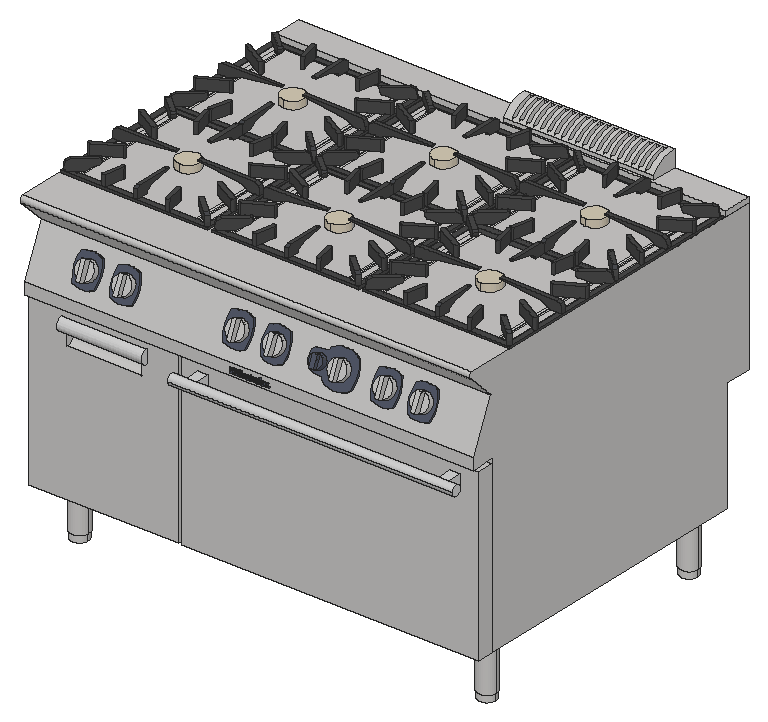
Revit family "QF_ELECTROLUXPROFESSIONAL_391582_E9AANTBFMII", category Attrezzature speciali, Revit 2018
Family settings
  Quota connettore circolare = Usa diametro
  Tipo di parte = Normale
  Basato su piano di lavoro = No
  Sempre verticale = Sì
  Taglio con vuoti quando caricato = No
  Condiviso = No
  Punto di calcolo locali = No
Parameters (values of type "Standard")
  Weight = 156.00 kg
  Watts = 0 W
  Volts = 0 V
  URL Manufacturer = "https://www.electroluxprofessional.com/"
  URL = "https://www.electroluxprofessional.com/"
  Steam Supply Size = 0"
  Steam Supply Minimum Pressure = 0.00 psi
  Steam Supply Maximum Pressure = 0.00 psi
  Steam Consumption per Hour = 0
  Show Logo [instance] = yes
  Show Clearance [instance] = yes
  Refrigeration Suction Line Size = 0 mm
  Refrigeration Liquid Line Size = 0 mm
  Refrigerant Compressor Remote = yes
  Phase = 0
  Modello = "E9AANTBFMII"
  Produttore = "Electrolux Professional"
  Length Actual = 1200 mm  # constant formula
  Item Number = "391582"
  Hot Water Size = 0"
  Height Actual = 850 mm  # constant formula
  HP = "0 HP"
  Gas Size = 1/2"
  Gas KW = 52.5
  Gas Input Pressure = 1.36309 Btu/h
  Direct Waste Size = 0"
  Descrizione = "6-BURNER GAS RANGE+OVEN+CUPBOARD 1200MM - QMARK"
  Depth Actual = 930 mm  # constant formula
  Cycle = 0 Hz
  Condensate Return Size = 0"
  Compressed Air Volume = 0 GPM
  Compressed Air Size = 0"
  Compressed Air Pressure = 0.00 psi
  Cold Water Size = 0"
  Assembly Code = ""
  Accessory = yes
Values of the unnamed type that differ from the named types
  Weight = 0.00 kg
  URL Manufacturer = ""
  Item Number = ""
  HP = ""
  Gas KW = 0
  Gas Input Pressure = 0.0 Btu/h
Reference planes
  plane 1 "BACK": y = 0
  plane 2: z = 0
  plane 3 "LEFT": x = 0
  plane 4 "RIGHT": x = 1200
  plane 5 "FRONT": y = -700
  plane 6 "TOP": z = 908.9
  plane 7 "Center Y": x = 600
  plane 8 "Center X": y = -350
  plane 9 "Base": z = 150
  plane 10: z = 850.9
  plane 11: y = -930
  plane 12: y = -1109
  plane 13: y = -128
  plane 14: y = -802
  plane 15: y = -1309
  plane 16: y = -665
Forms (mm)
  Extrusion 1, solid, material "QF_Finishes_Stainless Steel"
    sketch origin (0, 0, 0) x (0, 1, 0) y (0, 0, 1)
      loop
        line (0, 450) -> (0, 850.9) -> (-921.37, 850.9)
        arc (-921.37, 850.9) -> (-929.343, 845.573) -> (-927.472, 836.168) r 8.63
        line (-927.472, 836.168) -> (-858.266, 766.833) -> (-915.833, 641.476) -> (-915.833, 610.179) -> (-855.839, 614.875)
        arc (-855.839, 614.875) -> (-853.314, 614.127) -> (-852.222, 611.731) r 3.175
        line (-852.222, 611.731) -> (-852.222, 150) -> (-71, 150) -> (-71, 450) -> (0, 450)
    from 0 to 1200
  Extrusion 2, solid, material "QF_Finishes_Stainless Steel"
    sketch origin (0, -852.222, 611.731) x (0, 0, -1) y (1, 0, 0)
      loop
        line (461.731, 408.5) -> (461.731, 1200) -> (9.61, 1200) -> (9.61, 408.5) -> (461.731, 408.5)
      loop
        line (461.731, 0) -> (461.731, 400.5) -> (9.61, 400.5) -> (9.61, 0) -> (461.731, 0)
      loop
        line (95.781, 100.253) -> (95.781, 300.8) -> (44.981, 300.8) -> (44.981, 100.253) -> (95.781, 100.253)
    from 3.175 to 47.778
  Extrusion 3, solid, material "QF_Finishes_Stainless Steel"
    sketch origin (0, 0, 0) x (0, -1, 0) y (0, 0, 1)
      loop
        line (0, 850.9) -> (76.2, 850.9) -> (76.2, 865.188) -> (0, 865.188) -> (0, 850.9)
    from 0 to -1200
  Extrusion 4, solid, material "QF_Finishes_Stainless Steel"
    sketch origin (0, -852.222, 150) x (1, 0, 0) y (0, -1, 0)
      loop
        circle (1149, -187.222) r 6.4
    from 0 to 21
  Extrusion 5, solid, material "QF_Door-Drawer Clearances", visible <- "Show Clearance", detail levels coarse
    sketch origin (0, -200, 0) x (0, 1, 0) y (0, 0, 1)
      loop
        line (-1109, 150) -> (-700, 150) -> (-700, 601.405)
        arc (-700, 601.405) -> (-991.543, 454.568) -> (-1109, 150) r 453.603
    from 0 to 1200
  Extrusion 6, solid, material "QF_Clearances", visible <- "Show Clearance", detail levels coarse
    sketch origin (0, -200, 0) x (1, 0, 0) y (0, 1, 0)
      loop
        line (-100, -730) -> (0, -730) -> (0, 200) -> (1200, 200) -> (1200, -730) -> (1300, -730) -> (1300, 300) -> (-100, 300) -> (-100, -730)
    from 0 to 908.85
  Extrusion 7, solid, material "QF_Finishes_Handrails and Railings"
    sketch origin (400, -200, 0) x (0, 1, 0) y (0, 0, 1)
      loop
        line (-700, 580.001) -> (-738.549, 577.296)
        arc (-738.549, 577.296) -> (-739.742, 563.489) -> (-752.852, 558.993) r 12.7
        arc (-752.852, 558.993) -> (-752.311, 558.176) -> (-751.712, 557.401) r 13.441
        arc (-751.712, 557.401) -> (-749.907, 555.955) -> (-747.68, 555.335) r 5.77
        line (-747.68, 555.335) -> (-700, 551.992) -> (-700, 580.001)
    from 50.8 to 76.2
  Extrusion 8, solid, material "QF_Finishes_Handrails and Railings"
    sketch origin (1200, -200, 0) x (0, 1, 0) y (0, 0, -1)
      loop
        line (-700, -580.001) -> (-700, -551.992) -> (-747.68, -555.335)
        arc (-747.68, -555.335) -> (-749.907, -555.955) -> (-751.712, -557.401) r 5.77
        arc (-751.712, -557.401) -> (-752.311, -558.176) -> (-752.852, -558.993) r 13.441
        arc (-752.852, -558.993) -> (-739.742, -563.489) -> (-738.549, -577.296) r 12.7
        line (-738.549, -577.296) -> (-700, -580.001)
    from 50.8 to 76.2
  Extrusion 9, solid, material "QF_Finishes_Handrails and Railings"
    sketch origin (400, -200, 0) x (0, 1, 0) y (0, 0, 1)
      loop
        circle (-749.749, 571.309) r 12.7
    from 19.875 to 780.125
  Extrusion 10, solid, material "QF_Finishes_Handrails and Railings"
    sketch origin (177.525, -643.896, 1933.213) x (0, 0.885087, 0.465426) y (0, -0.465426, 0.885087)
      loop
        arc (-854.629, -1074.965) -> (-878.641, -1082.427) -> (-871.18, -1106.439) r 17.78
        line (-871.18, -1106.439) -> (-854.629, -1074.965)
    from -89.972 to 135.975
  Extrusion 11, solid, material "QF_Finishes_Stainless Steel"
    sketch origin (-22.5, -200, 28.959) x (0, 1, 0) y (0, 0, 1)
      loop
        line (-700, 486.991) -> (-657.087, 486.991) -> (-657.087, 537.791) -> (-678.147, 537.791) -> (-678.147, 511.464)
        arc (-678.147, 511.464) -> (-684.405, 495.059) -> (-700, 486.991) r 24.63
    from 122.753 to 323.3
  Extrusion 12, solid, material "QF_Finishes_Navy Blue"
    sketch origin (405.244, -913.772, 646.186) x (0, 0.418102, 0.9084) y (-1, 0, 0)
      loop
        arc (102.623, -510.47) -> (67.041, -502.846) -> (31.333, -509.853) r 90.5
        arc (31.333, -509.853) -> (24.507, -539.04) -> (31.333, -568.228) r 65.817
        arc (31.333, -568.228) -> (67.04, -575.188) -> (102.623, -567.615) r 91.066
        arc (102.623, -567.615) -> (109.179, -539.043) -> (102.623, -510.47) r 65.546
    from 0 to 3.175
  Extrusion 13, solid, material "QF_Finishes_Stainless Steel"
    sketch origin (783.994, -917.485, 645.711) x (0, 0.418102, 0.9084) y (-1, 0, 0)
      loop
        circle (68.826, -160.963) r 25.4
    from 0 to 12.7
  Extrusion 14, solid, material "QF_Finishes_Stainless Steel"
    sketch origin (783.994, -929.022, 651.021) x (0, 0.418102, 0.9084) y (-1, 0, 0)
      loop
        arc (93.558, -166.749) -> (94.226, -160.963) -> (93.558, -155.177) r 25.4
        line (93.558, -155.177) -> (44.094, -155.177)
        arc (44.094, -155.177) -> (43.426, -160.963) -> (44.094, -166.749) r 25.4
        line (44.094, -166.749) -> (93.558, -166.749)
    from 0 to 12.7
  Extrusion 15, solid, material "QF_Finishes_Navy Blue"
    sketch origin (282.787, -913.772, 646.186) x (0, 0.418102, 0.9084) y (-1, 0, 0)
      loop
        arc (104.355, -502.587) -> (101.326, -501.258) -> (98.25, -500.039) r 91.066
        arc (98.25, -500.039) -> (96.592, -482.449) -> (93.213, -465.107) r 179.528
        arc (93.213, -465.107) -> (69.244, -452.795) -> (45.274, -465.107) r 29.489
        arc (45.274, -465.107) -> (38.909, -481.441) -> (37.449, -498.912) r 61.044
        arc (37.449, -498.912) -> (34.471, -499.962) -> (31.532, -501.116) r 91.066
        arc (31.532, -501.116) -> (19.517, -540.223) -> (32.929, -578.873) r 65.817
        arc (32.929, -578.873) -> (68.105, -585.173) -> (102.996, -577.452) r 91.066
        arc (102.996, -577.452) -> (115.418, -540.233) -> (104.355, -502.587) r 65.546
    from 0 to 3.175
  Extrusion 16, solid, material "QF_Finishes_Stainless Steel"
    sketch origin (661.537, -917.485, 645.711) x (0, 0.418102, 0.9084) y (-1, 0, 0)
      loop
        circle (68.826, -160.963) r 25.4
    from 0 to 12.7
  Extrusion 17, solid, material "QF_Finishes_Stainless Steel"
    sketch origin (661.537, -929.022, 651.021) x (0, 0.418102, 0.9084) y (-1, 0, 0)
      loop
        arc (93.558, -166.749) -> (94.226, -160.963) -> (93.558, -155.177) r 25.4
        line (93.558, -155.177) -> (44.094, -155.177)
        arc (44.094, -155.177) -> (43.426, -160.963) -> (44.094, -166.749) r 25.4
        line (44.094, -166.749) -> (93.558, -166.749)
    from 0 to 12.7
  Extrusion 18, solid, material "QF_Finishes_Navy Blue"
    sketch origin (604.037, -917.485, 645.711) x (0, 0.418102, 0.9084) y (-1, 0, 0)
      loop
        circle (68.826, -160.963) r 18.37
    from 0 to 12.7
  Extrusion 19, solid, material "QF_Finishes_Navy Blue"
    sketch origin (602.746, -929.022, 651.021) x (0, 0.418102, 0.9084) y (-1, 0, 0)
      loop
        arc (84.808, -167.687) -> (85.476, -161.901) -> (84.808, -156.114) r 25.4
        line (84.808, -156.114) -> (52.844, -156.114)
        arc (52.844, -156.114) -> (52.176, -161.901) -> (52.844, -167.687) r 25.4
        line (52.844, -167.687) -> (84.808, -167.687)
    from 0 to 8.112
  Extrusion 20, solid, material "QF_Finishes_Navy Blue"
    sketch origin (-392.256, -913.772, 646.186) x (0, 0.418102, 0.9084) y (-1, 0, 0)
      loop
        arc (102.623, -510.47) -> (67.041, -502.846) -> (31.333, -509.853) r 90.5
        arc (31.333, -509.853) -> (24.507, -539.04) -> (31.333, -568.228) r 65.817
        arc (31.333, -568.228) -> (67.04, -575.188) -> (102.623, -567.615) r 91.066
        arc (102.623, -567.615) -> (109.179, -539.043) -> (102.623, -510.47) r 65.546
    from 0 to 3.175
  Extrusion 21, solid, material "QF_Finishes_Stainless Steel"
    sketch origin (-13.506, -917.485, 645.711) x (0, 0.418102, 0.9084) y (-1, 0, 0)
      loop
        circle (68.826, -160.963) r 25.4
    from 0 to 12.7
  Extrusion 22, solid, material "QF_Finishes_Stainless Steel"
    sketch origin (-13.506, -929.022, 651.021) x (0, 0.418102, 0.9084) y (-1, 0, 0)
      loop
        arc (93.558, -166.749) -> (94.226, -160.963) -> (93.558, -155.177) r 25.4
        line (93.558, -155.177) -> (44.094, -155.177)
        arc (44.094, -155.177) -> (43.426, -160.963) -> (44.094, -166.749) r 25.4
        line (44.094, -166.749) -> (93.558, -166.749)
    from 0 to 12.7
  Extrusion 23, solid, material "QF_Finishes_Navy Blue"
    sketch origin (-292.256, -913.772, 646.186) x (0, 0.418102, 0.9084) y (-1, 0, 0)
      loop
        arc (102.623, -510.47) -> (67.041, -502.846) -> (31.333, -509.853) r 90.5
        arc (31.333, -509.853) -> (24.507, -539.04) -> (31.333, -568.228) r 65.817
        arc (31.333, -568.228) -> (67.04, -575.188) -> (102.623, -567.615) r 91.066
        arc (102.623, -567.615) -> (109.179, -539.043) -> (102.623, -510.47) r 65.546
    from 0 to 3.175
  Extrusion 24, solid, material "QF_Finishes_Stainless Steel"
    sketch origin (86.494, -917.485, 645.711) x (0, 0.418102, 0.9084) y (-1, 0, 0)
      loop
        circle (68.826, -160.963) r 25.4
    from 0 to 12.7
  Extrusion 25, solid, material "QF_Finishes_Stainless Steel"
    sketch origin (86.494, -929.022, 651.021) x (0, 0.418102, 0.9084) y (-1, 0, 0)
      loop
        arc (93.558, -166.749) -> (94.226, -160.963) -> (93.558, -155.177) r 25.4
        line (93.558, -155.177) -> (44.094, -155.177)
        arc (44.094, -155.177) -> (43.426, -160.963) -> (44.094, -166.749) r 25.4
        line (44.094, -166.749) -> (93.558, -166.749)
    from 0 to 12.7
  Extrusion 26, solid, material "QF_Finishes_Stainless Steel"
    sketch origin (202.4, -200, 590.5) x (0, 1, 0) y (0, 0, 1)
      loop
        line (200, 274.688) -> (200, 318.4)
        arc (200, 318.4) -> (160.928, 309.779) -> (130.15, 284.212) r 84.854
        line (130.15, 284.212) -> (130.15, 274.688) -> (200, 274.688)
    from 400 to 800
  Extrusion 27, solid, material "QF_Finishes_Navy Blue"
    sketch origin (502.744, -913.772, 646.186) x (0, 0.418102, 0.9084) y (-1, 0, 0)
      loop
        arc (102.623, -510.47) -> (67.041, -502.846) -> (31.333, -509.853) r 90.5
        arc (31.333, -509.853) -> (24.507, -539.04) -> (31.333, -568.228) r 65.817
        arc (31.333, -568.228) -> (67.04, -575.188) -> (102.623, -567.615) r 91.066
        arc (102.623, -567.615) -> (109.179, -539.043) -> (102.623, -510.47) r 65.546
    from 0 to 3.175
  Extrusion 28, solid, material "QF_Finishes_Stainless Steel"
    sketch origin (881.494, -917.485, 645.711) x (0, 0.418102, 0.9084) y (-1, 0, 0)
      loop
        circle (68.826, -160.963) r 25.4
    from 0 to 12.7
  Extrusion 29, solid, material "QF_Finishes_Stainless Steel"
    sketch origin (881.494, -929.022, 651.021) x (0, 0.418102, 0.9084) y (-1, 0, 0)
      loop
        arc (93.558, -166.749) -> (94.226, -160.963) -> (93.558, -155.177) r 25.4
        line (93.558, -155.177) -> (44.094, -155.177)
        arc (44.094, -155.177) -> (43.426, -160.963) -> (44.094, -166.749) r 25.4
        line (44.094, -166.749) -> (93.558, -166.749)
    from 0 to 12.7
  Extrusion 30, solid, material "QF_Finishes_Navy Blue"
    sketch origin (10.244, -913.772, 646.186) x (0, 0.418102, 0.9084) y (-1, 0, 0)
      loop
        arc (102.623, -510.47) -> (67.041, -502.846) -> (31.333, -509.853) r 90.5
        arc (31.333, -509.853) -> (24.507, -539.04) -> (31.333, -568.228) r 65.817
        arc (31.333, -568.228) -> (67.04, -575.188) -> (102.623, -567.615) r 91.066
        arc (102.623, -567.615) -> (109.179, -539.043) -> (102.623, -510.47) r 65.546
    from 0 to 3.175
  Extrusion 31, solid, material "QF_Finishes_Stainless Steel"
    sketch origin (388.994, -917.485, 645.711) x (0, 0.418102, 0.9084) y (-1, 0, 0)
      loop
        circle (68.826, -160.963) r 25.4
    from 0 to 12.7
  Extrusion 32, solid, material "QF_Finishes_Stainless Steel"
    sketch origin (388.994, -929.022, 651.021) x (0, 0.418102, 0.9084) y (-1, 0, 0)
      loop
        arc (93.558, -166.749) -> (94.226, -160.963) -> (93.558, -155.177) r 25.4
        line (93.558, -155.177) -> (44.094, -155.177)
        arc (44.094, -155.177) -> (43.426, -160.963) -> (44.094, -166.749) r 25.4
        line (44.094, -166.749) -> (93.558, -166.749)
    from 0 to 12.7
  Extrusion 33, solid, material "QF_Finishes_Navy Blue"
    sketch origin (110.244, -913.772, 646.186) x (0, 0.418102, 0.9084) y (-1, 0, 0)
      loop
        arc (102.623, -510.47) -> (67.041, -502.846) -> (31.333, -509.853) r 90.5
        arc (31.333, -509.853) -> (24.507, -539.04) -> (31.333, -568.228) r 65.817
        arc (31.333, -568.228) -> (67.04, -575.188) -> (102.623, -567.615) r 91.066
        arc (102.623, -567.615) -> (109.179, -539.043) -> (102.623, -510.47) r 65.546
    from 0 to 3.175
  Extrusion 34, solid, material "QF_Finishes_Stainless Steel"
    sketch origin (488.994, -917.485, 645.711) x (0, 0.418102, 0.9084) y (-1, 0, 0)
      loop
        circle (68.826, -160.963) r 25.4
    from 0 to 12.7
  Extrusion 35, solid, material "QF_Finishes_Stainless Steel"
    sketch origin (488.994, -929.022, 651.021) x (0, 0.418102, 0.9084) y (-1, 0, 0)
      loop
        arc (93.558, -166.749) -> (94.226, -160.963) -> (93.558, -155.177) r 25.4
        line (93.558, -155.177) -> (44.094, -155.177)
        arc (44.094, -155.177) -> (43.426, -160.963) -> (44.094, -166.749) r 25.4
        line (44.094, -166.749) -> (93.558, -166.749)
    from 0 to 12.7
  Extrusion 36, solid, material "QF_Finishes_Navy Blue", visible <- "Show Logo"
    sketch origin (261.109, -915.962, 610.773) x (0, 0, 1) y (-1, 0, 0)
      loop
        line (20.674, -296.698) -> (8.307, -296.698)
        arc (8.307, -296.698) -> (14.491, -301.27) -> (20.674, -296.698) r 6.467
      loop
        arc (20.674, -296.069) -> (19.505, -290.926) -> (14.849, -288.448) r 6.338
        line (14.849, -288.448) -> (14.849, -290.494)
        arc (14.849, -290.494) -> (16.333, -294.149) -> (19.778, -296.069) r 5.941
        line (19.778, -296.069) -> (20.674, -296.069)
      loop
        arc (9.203, -296.069) -> (12.648, -294.149) -> (14.132, -290.494) r 5.941
        line (14.132, -290.494) -> (14.132, -288.448)
        arc (14.132, -288.448) -> (9.438, -290.922) -> (8.148, -296.069) r 6.504
        line (8.148, -296.069) -> (9.203, -296.069)
      loop
        line (21.349, -287.979) -> (7.604, -287.979) -> (7.604, -301.742) -> (21.349, -301.742) -> (21.349, -287.979)
      loop
        arc (21.432, -304.71) -> (21.085, -304.352) -> (20.718, -304.69) r 0.358
        arc (20.718, -304.69) -> (20.404, -305.44) -> (19.687, -305.825) r 1.216
        line (19.687, -305.825) -> (9.274, -305.825)
        arc (9.274, -305.825) -> (8.614, -305.548) -> (8.218, -304.951) r 1.238
        arc (8.218, -304.951) -> (7.823, -304.7) -> (7.518, -305.054) r 0.358
        line (7.518, -305.054) -> (7.518, -314.933) -> (10.269, -314.933) -> (10.269, -314.036)
        arc (10.269, -314.036) -> (9.36, -313.456) -> (8.904, -312.479) r 1.928
        line (8.904, -312.479) -> (8.904, -309.98)
        arc (8.904, -309.98) -> (9.18, -309.251) -> (9.868, -308.887) r 1.101
        line (9.868, -308.887) -> (13.955, -308.887) -> (13.955, -312.561)
        arc (13.955, -312.561) -> (13.602, -313.058) -> (13.037, -313.286) r 1.083
        arc (13.037, -313.286) -> (12.773, -313.591) -> (13.065, -313.869) r 0.292
        line (13.065, -313.869) -> (16.028, -313.869)
        arc (16.028, -313.869) -> (16.33, -313.596) -> (16.092, -313.266) r 0.305
        arc (16.092, -313.266) -> (15.601, -313.018) -> (15.296, -312.561) r 1.083
        line (15.296, -312.561) -> (15.296, -308.887) -> (19.973, -308.887) -> (19.973, -312.635)
        arc (19.973, -312.635) -> (19.759, -313.39) -> (19.153, -313.888) r 1.314
        arc (19.153, -313.888) -> (18.934, -314.292) -> (19.288, -314.585) r 0.361
        line (19.288, -314.585) -> (21.432, -314.585) -> (21.432, -304.71)
      loop
        arc (20.715, -315.365) -> (20.335, -316.284) -> (19.416, -316.664) r 1.299
        line (19.416, -316.664) -> (9.837, -316.664)
        arc (9.837, -316.664) -> (8.999, -316.286) -> (8.728, -315.408) r 1.118
        line (8.728, -315.408) -> (7.518, -315.408) -> (7.518, -320.758) -> (8.706, -320.758)
        arc (8.706, -320.758) -> (8.978, -319.841) -> (9.848, -319.445) r 1.153
        line (9.848, -319.445) -> (21.92, -319.445) -> (20.715, -315.365)
      loop
        line (12.483, -323.394) -> (12.483, -329.842) -> (13.282, -329.842)
        arc (13.282, -329.842) -> (15.862, -328.857) -> (17.131, -326.404) r 3.874
        line (17.131, -326.404) -> (17.131, -324.643)
        arc (17.131, -324.643) -> (15.944, -321.778) -> (13.08, -320.592) r 4.051
        line (13.08, -320.592) -> (11.072, -320.592)
        arc (11.072, -320.592) -> (8.253, -322.077) -> (7.202, -325.084) r 4.352
        arc (7.202, -325.084) -> (7.566, -327.547) -> (8.943, -329.621) r 5.713
        line (8.943, -329.621) -> (9.892, -329.621)
        arc (9.892, -329.621) -> (9.16, -328.052) -> (8.943, -326.334) r 5.579
        arc (8.943, -326.334) -> (9.737, -324.371) -> (11.616, -323.394) r 3.057
        line (11.616, -323.394) -> (12.483, -323.394)
      loop
        line (13.742, -323.394) -> (13.742, -326.977)
        arc (13.742, -326.977) -> (15.199, -327.024) -> (16.082, -325.864) r 1.59
        line (16.082, -325.864) -> (16.082, -325.034)
        arc (16.082, -325.034) -> (15.217, -323.779) -> (13.742, -323.394) r 2.184
      loop
        arc (16.533, -339.259) -> (17.022, -337.585) -> (17.179, -335.848) r 9.023
        line (17.179, -335.848) -> (17.179, -334.486)
        arc (17.179, -334.486) -> (16.02, -331.686) -> (13.22, -330.527) r 3.959
        line (13.22, -330.527) -> (10.62, -330.527)
        arc (10.62, -330.527) -> (8.338, -331.819) -> (7.221, -334.192) r 4.331
        line (7.221, -334.192) -> (7.221, -336.327)
        arc (7.221, -336.327) -> (7.729, -337.877) -> (8.651, -339.223) r 5.772
        arc (8.651, -339.223) -> (9.412, -339.274) -> (9.499, -338.515) r 0.553
        arc (9.499, -338.515) -> (9.111, -337.781) -> (8.977, -336.962) r 2.573
        line (8.977, -336.962) -> (8.977, -335.447)
        arc (8.977, -335.447) -> (9.983, -333.806) -> (11.798, -333.163) r 2.884
        line (11.798, -333.163) -> (13.077, -333.163)
        arc (13.077, -333.163) -> (14.898, -333.723) -> (15.824, -335.388) r 2.554
        line (15.824, -335.388) -> (15.824, -336.441)
        arc (15.824, -336.441) -> (15.493, -337.369) -> (14.836, -338.104) r 2.564
        arc (14.836, -338.104) -> (14.614, -338.821) -> (15.223, -339.259) r 0.643
        line (15.223, -339.259) -> (16.533, -339.259)
      loop
        line (15.515, -339.53) -> (15.515, -341.031) -> (9.467, -341.031)
        arc (9.467, -341.031) -> (7.879, -341.688) -> (7.221, -343.276) r 2.246
        line (7.221, -343.276) -> (7.221, -344.86)
        arc (7.221, -344.86) -> (7.535, -345.725) -> (8.035, -346.496) r 4.06
        arc (8.035, -346.496) -> (8.768, -346.629) -> (9.019, -345.928) r 0.576
        arc (9.019, -345.928) -> (8.913, -345.403) -> (8.977, -344.87) r 1.69
        arc (8.977, -344.87) -> (9.519, -344.082) -> (10.425, -343.779) r 1.506
        line (10.425, -343.779) -> (15.563, -343.779) -> (15.563, -346.176) -> (16.119, -346.733) -> (16.941, -346.733) -> (16.941, -343.873) -> (20.172, -343.873) -> (15.515, -339.53)
      loop
        line (7.438, -347.63) -> (7.438, -353.017) -> (8.548, -353.017)
        arc (8.548, -353.017) -> (8.942, -352.066) -> (9.893, -351.672) r 1.345
        line (9.893, -351.672) -> (13.509, -351.672)
        arc (13.509, -351.672) -> (14.274, -352.264) -> (14.564, -353.186) r 1.615
        line (14.564, -353.186) -> (14.564, -354.742) -> (17.119, -355.427) -> (17.119, -354.044) -> (15.177, -351.485) -> (17.057, -351.485) -> (16.773, -348.779)
        arc (16.773, -348.779) -> (16.333, -348.249) -> (15.674, -348.45) r 0.621
        arc (15.674, -348.45) -> (15.274, -348.792) -> (14.78, -348.975) r 1.501
        line (14.78, -348.975) -> (9.893, -348.975)
        arc (9.893, -348.975) -> (8.942, -348.581) -> (8.548, -347.63) r 1.345
        line (8.548, -347.63) -> (7.438, -347.63)
      loop
        line (13.54, -354.964) -> (10.848, -354.964)
        arc (10.848, -354.964) -> (8.403, -356.272) -> (7.269, -358.803) r 4.288
        arc (7.269, -358.803) -> (7.205, -360.183) -> (7.269, -361.563) r 15.022
        arc (7.269, -361.563) -> (8.403, -364.094) -> (10.848, -365.401) r 4.288
        line (10.848, -365.401) -> (13.54, -365.401)
        arc (13.54, -365.401) -> (15.986, -364.094) -> (17.119, -361.563) r 4.288
        arc (17.119, -361.563) -> (17.183, -360.183) -> (17.119, -358.803) r 15.022
        arc (17.119, -358.803) -> (15.986, -356.272) -> (13.54, -354.964) r 4.288
      loop
        line (13.745, -358.078) -> (10.643, -358.078)
        arc (10.643, -358.078) -> (8.486, -360.235) -> (10.643, -362.392) r 2.157
        line (10.643, -362.392) -> (13.745, -362.392)
        arc (13.745, -362.392) -> (15.902, -360.235) -> (13.745, -358.078) r 2.157
      loop
        arc (20.726, -365.26) -> (20.355, -366.154) -> (19.461, -366.524) r 1.264
        line (19.461, -366.524) -> (9.597, -366.524)
        arc (9.597, -366.524) -> (8.727, -366.127) -> (8.455, -365.211) r 1.153
        line (8.455, -365.211) -> (7.518, -365.211) -> (7.518, -370.319) -> (8.446, -370.319)
        arc (8.446, -370.319) -> (8.805, -369.547) -> (9.597, -369.232) r 1.153
        line (9.597, -369.232) -> (21.92, -369.232) -> (20.726, -365.26)
      loop
        arc (15.846, -369.857) -> (15.647, -370.921) -> (14.678, -371.403) r 1.215
        line (14.678, -371.403) -> (9.658, -371.403)
        arc (9.658, -371.403) -> (8.043, -372.051) -> (7.322, -373.634) r 2.338
        line (7.322, -373.634) -> (7.322, -375.148)
        arc (7.322, -375.148) -> (7.497, -376.152) -> (7.999, -377.038) r 2.979
        line (7.999, -377.038) -> (7.518, -378.835) -> (7.518, -380.524) -> (16.943, -380.524) -> (16.649, -376.32) -> (15.863, -376.32)
        arc (15.863, -376.32) -> (15.507, -377.156) -> (14.755, -377.665) r 1.605
        line (14.755, -377.665) -> (9.652, -377.665)
        arc (9.652, -377.665) -> (9.232, -376.728) -> (9.159, -375.704) r 2.94
        arc (9.159, -375.704) -> (9.72, -374.603) -> (10.873, -374.16) r 1.724
        line (10.873, -374.16) -> (17.07, -374.16) -> (15.846, -369.857)
      loop
        line (16.874, -381.377) -> (15.202, -383.423) -> (12.028, -385.729) -> (8.572, -382.617)
        arc (8.572, -382.617) -> (8.335, -382.223) -> (8.357, -381.764) r 0.789
        line (8.357, -381.764) -> (7.518, -381.764) -> (7.518, -385.309) -> (8.344, -385.309)
        arc (8.344, -385.309) -> (8.686, -384.947) -> (9.176, -385.039) r 0.52
        line (9.176, -385.039) -> (10.976, -386.51) -> (8.858, -387.886)
        arc (8.858, -387.886) -> (8.457, -387.576) -> (8.37, -387.076) r 0.7
        line (8.37, -387.076) -> (7.518, -387.076) -> (7.518, -393.003) -> (8.405, -393.003)
        arc (8.405, -393.003) -> (8.472, -392.344) -> (8.866, -391.813) r 1.247
        line (8.866, -391.813) -> (13.066, -388.532) -> (15.513, -390.585) -> (16.874, -392.327) -> (16.874, -388.604) -> (15.389, -389.026) -> (13.868, -387.749) -> (15.568, -386.559) -> (16.874, -387.336) -> (16.874, -381.377)
    from 0 to 1.644
  Revolve 37, solid, material "QF_Finishes_Stainless Steel"
    sketch origin (1, -128, 0) x (1, 0, 0) y (0, 0, 1)
      loop
        line (55, 0) -> (55, 150) -> (29.6, 150) -> (29.6, 19.05) -> (32.1, 19.05) -> (32.1, 0) -> (55, 0)
      axis (55, 0) -> (55, 150)
    angle from 0 to 360
  Revolve 38, solid, material "QF_Finishes_Stainless Steel"
    sketch origin (799, -128, 0) x (-1, 0, 0) y (0, 0, -1)
      loop
        line (-345, 0) -> (-367.9, 0) -> (-367.9, -19.05) -> (-370.4, -19.05) -> (-370.4, -150) -> (-345, -150) -> (-345, 0)
      axis (-345, 0) -> (-345, -150)
    angle from 0 to 360
  Revolve 39, solid, material "QF_Finishes_Stainless Steel"
    sketch origin (1, -802, 0) x (1, 0, 0) y (0, 0, 1)
      loop
        line (55, 0) -> (55, 150) -> (29.6, 150) -> (29.6, 19.05) -> (32.1, 19.05) -> (32.1, 0) -> (55, 0)
      axis (55, 0) -> (55, 150)
    angle from 0 to 360
  Revolve 40, solid, material "QF_Finishes_Stainless Steel"
    sketch origin (799, -802, 0) x (-1, 0, 0) y (0, 0, -1)
      loop
        line (-345, 0) -> (-367.9, 0) -> (-367.9, -19.05) -> (-370.4, -19.05) -> (-370.4, -150) -> (-345, -150) -> (-345, 0)
      axis (-345, 0) -> (-345, -150)
    angle from 0 to 360
  Extrusion 41, solid, material "QF_Finishes_Stainless Steel"
    sketch origin (0, -852.222, 150) x (1, 0, 0) y (0, -1, 0)
      loop
        circle (1157, -276.222) r 12.7
    from 0 to 5
  Extrusion 42, void
    sketch origin (-62.611, 0, 865.138) x (-1, 0, 0) y (0, -1, 0)
      loop
        line (-695.005, 6.761) -> (-685.709, 6.761) -> (-685.709, 63.911) -> (-695.005, 63.911) -> (-695.005, 6.761)
      loop
        line (-713.697, 6.761) -> (-704.401, 6.761) -> (-704.401, 63.911) -> (-713.697, 63.911) -> (-713.697, 6.761)
      loop
        line (-732.39, 6.761) -> (-723.094, 6.761) -> (-723.094, 63.911) -> (-732.39, 63.911) -> (-732.39, 6.761)
      loop
        line (-751.082, 6.761) -> (-741.787, 6.761) -> (-741.787, 63.911) -> (-751.082, 63.911) -> (-751.082, 6.761)
      loop
        line (-769.775, 6.761) -> (-760.479, 6.761) -> (-760.479, 63.911) -> (-769.775, 63.911) -> (-769.775, 6.761)
      loop
        line (-788.468, 6.761) -> (-779.172, 6.761) -> (-779.172, 63.911) -> (-788.468, 63.911) -> (-788.468, 6.761)
      loop
        line (-807.16, 6.761) -> (-797.864, 6.761) -> (-797.864, 63.911) -> (-807.16, 63.911) -> (-807.16, 6.761)
      loop
        line (-825.853, 6.761) -> (-816.557, 6.761) -> (-816.557, 63.911) -> (-825.853, 63.911) -> (-825.853, 6.761)
      loop
        line (-844.545, 6.761) -> (-835.25, 6.761) -> (-835.25, 63.911) -> (-844.545, 63.911) -> (-844.545, 6.761)
      loop
        line (-863.238, 6.761) -> (-853.942, 6.761) -> (-853.942, 63.911) -> (-863.238, 63.911) -> (-863.238, 6.761)
      loop
        line (-881.931, 6.761) -> (-872.635, 6.761) -> (-872.635, 63.911) -> (-881.931, 63.911) -> (-881.931, 6.761)
      loop
        line (-900.623, 6.761) -> (-891.328, 6.761) -> (-891.328, 63.911) -> (-900.623, 63.911) -> (-900.623, 6.761)
      loop
        line (-919.316, 6.761) -> (-910.02, 6.761) -> (-910.02, 63.911) -> (-919.316, 63.911) -> (-919.316, 6.761)
      loop
        line (-938.008, 6.761) -> (-928.713, 6.761) -> (-928.713, 63.911) -> (-938.008, 63.911) -> (-938.008, 6.761)
      loop
        line (-956.701, 6.761) -> (-947.405, 6.761) -> (-947.405, 63.911) -> (-956.701, 63.911) -> (-956.701, 6.761)
      loop
        line (-975.394, 6.761) -> (-966.098, 6.761) -> (-966.098, 63.911) -> (-975.394, 63.911) -> (-975.394, 6.761)
      loop
        line (-994.086, 6.761) -> (-984.791, 6.761) -> (-984.791, 63.911) -> (-994.086, 63.911) -> (-994.086, 6.761)
      loop
        line (-1012.779, 6.761) -> (-1003.483, 6.761) -> (-1003.483, 63.911) -> (-1012.779, 63.911) -> (-1012.779, 6.761)
      loop
        line (-1031.472, 6.761) -> (-1022.176, 6.761) -> (-1022.176, 63.911) -> (-1031.472, 63.911) -> (-1031.472, 6.761)
      loop
        line (-1050.164, 6.761) -> (-1040.868, 6.761) -> (-1040.868, 63.911) -> (-1050.164, 63.911) -> (-1050.164, 6.761)
    from 9.525 to 45.348
Cuts and joins
  Extrusion 42 cuts Extrusion 26
Lines and regions (mm)
  symbolic lines, style "QF_Door-Drawer Clearances"
    curve 1: line (0, -930, 150) -> (0, -1309, 150)
    curve 2: line (0, -1309, 150) -> (1200, -1309, 150)
    curve 3: line (1200, -1309, 150) -> (1200, -930, 150)
  symbolic lines
    curve 4: line (1200, -930, 150) -> (0, -930, 150)
    curve 5: line (0, 0, 150) -> (0, -930, 150)
    curve 6: line (1200, -930, 150) -> (1200, 0, 150)
    curve 7: line (0, 0, 150) -> (1200, 0, 150)
    curve 11: line (1180.125, -962.449, 150) -> (419.875, -962.449, 150)
    curve 12: line (1180.125, -937.049, 150) -> (1180.125, -962.449, 150)
    curve 13: line (1149.2, -938.549, 150) -> (1149.2, -930, 150)
    curve 14: line (1123.8, -938.549, 150) -> (1123.8, -930, 150)
    curve 15: line (1123.8, -938.549, 150) -> (1149.2, -938.549, 150)
    curve 16: line (419.875, -937.049, 150) -> (450.8, -937.049, 150)
    curve 17: line (1149.2, -937.049, 150) -> (1180.125, -937.049, 150)
    curve 18: line (632.394, -6.761, 150) -> (632.394, -63.911, 150)
    curve 19: line (632.394, -63.911, 150) -> (623.098, -63.911, 150)
    curve 20: line (623.098, -63.911, 150) -> (623.098, -6.761, 150)
    curve 21: line (623.098, -6.761, 150) -> (632.394, -6.761, 150)
    curve 22: line (838.012, -6.761, 150) -> (838.012, -63.911, 150)
    curve 23: line (838.012, -63.911, 150) -> (828.717, -63.911, 150)
    curve 24: line (828.717, -63.911, 150) -> (828.717, -6.761, 150)
    curve 25: line (828.717, -6.761, 150) -> (838.012, -6.761, 150)
    curve 26: line (819.32, -6.761, 150) -> (819.32, -63.911, 150)
    curve 27: line (819.32, -63.911, 150) -> (810.024, -63.911, 150)
    curve 28: line (810.024, -63.911, 150) -> (810.024, -6.761, 150)
    curve 29: line (810.024, -6.761, 150) -> (819.32, -6.761, 150)
    curve 30: line (800.627, -6.761, 150) -> (800.627, -63.911, 150)
    curve 31: line (800.627, -63.911, 150) -> (791.331, -63.911, 150)
    curve 32: line (791.331, -63.911, 150) -> (791.331, -6.761, 150)
    curve 33: line (791.331, -6.761, 150) -> (800.627, -6.761, 150)
    curve 34: line (781.934, -6.761, 150) -> (781.934, -63.911, 150)
    curve 35: line (781.934, -63.911, 150) -> (772.639, -63.911, 150)
    curve 36: line (772.639, -63.911, 150) -> (772.639, -6.761, 150)
    curve 37: line (772.639, -6.761, 150) -> (781.934, -6.761, 150)
    curve 38: line (763.242, -6.761, 150) -> (763.242, -63.911, 150)
    curve 39: line (763.242, -63.911, 150) -> (753.946, -63.911, 150)
    curve 40: line (753.946, -63.911, 150) -> (753.946, -6.761, 150)
    curve 41: line (753.946, -6.761, 150) -> (763.242, -6.761, 150)
    curve 42: line (744.549, -6.761, 150) -> (744.549, -63.911, 150)
    curve 43: line (744.549, -63.911, 150) -> (735.253, -63.911, 150)
    curve 44: line (735.253, -63.911, 150) -> (735.253, -6.761, 150)
    curve 45: line (735.253, -6.761, 150) -> (744.549, -6.761, 150)
    curve 46: line (725.857, -6.761, 150) -> (725.857, -63.911, 150)
    curve 47: line (725.857, -63.911, 150) -> (716.561, -63.911, 150)
    curve 48: line (716.561, -63.911, 150) -> (716.561, -6.761, 150)
    curve 49: line (716.561, -6.761, 150) -> (725.857, -6.761, 150)
    curve 50: line (707.164, -6.761, 150) -> (707.164, -63.911, 150)
    curve 51: line (707.164, -63.911, 150) -> (697.868, -63.911, 150)
    curve 52: line (697.868, -63.911, 150) -> (697.868, -6.761, 150)
    curve 53: line (697.868, -6.761, 150) -> (707.164, -6.761, 150)
    curve 54: line (688.471, -6.761, 150) -> (688.471, -63.911, 150)
    curve 55: line (688.471, -63.911, 150) -> (679.176, -63.911, 150)
    curve 56: line (679.176, -63.911, 150) -> (679.176, -6.761, 150)
    curve 57: line (679.176, -6.761, 150) -> (688.471, -6.761, 150)
    curve 58: line (669.779, -6.761, 150) -> (669.779, -63.911, 150)
    curve 59: line (669.779, -63.911, 150) -> (660.483, -63.911, 150)
    curve 60: line (660.483, -63.911, 150) -> (660.483, -6.761, 150)
    curve 61: line (660.483, -6.761, 150) -> (669.779, -6.761, 150)
    curve 62: line (651.086, -6.761, 150) -> (651.086, -63.911, 150)
    curve 63: line (651.086, -63.911, 150) -> (641.79, -63.911, 150)
    curve 64: line (641.79, -63.911, 150) -> (641.79, -6.761, 150)
    curve 65: line (641.79, -6.761, 150) -> (651.086, -6.761, 150)
    curve 66: line (987.553, -6.761, 150) -> (987.553, -63.911, 150)
    curve 67: line (987.553, -63.911, 150) -> (978.257, -63.911, 150)
    curve 68: line (978.257, -63.911, 150) -> (978.257, -6.761, 150)
    curve 69: line (978.257, -6.761, 150) -> (987.553, -6.761, 150)
    curve 70: line (968.861, -6.761, 150) -> (968.861, -63.911, 150)
    curve 71: line (968.861, -63.911, 150) -> (959.565, -63.911, 150)
    curve 72: line (959.565, -63.911, 150) -> (959.565, -6.761, 150)
    curve 73: line (959.565, -6.761, 150) -> (968.861, -6.761, 150)
    curve 74: line (950.168, -6.761, 150) -> (950.168, -63.911, 150)
    curve 75: line (950.168, -63.911, 150) -> (940.872, -63.911, 150)
    curve 76: line (940.872, -63.911, 150) -> (940.872, -6.761, 150)
    curve 77: line (940.872, -6.761, 150) -> (950.168, -6.761, 150)
    curve 78: line (931.475, -6.761, 150) -> (931.475, -63.911, 150)
    curve 79: line (931.475, -63.911, 150) -> (922.18, -63.911, 150)
    curve 80: line (922.18, -63.911, 150) -> (922.18, -6.761, 150)
    curve 81: line (922.18, -6.761, 150) -> (931.475, -6.761, 150)
    curve 82: line (912.783, -6.761, 150) -> (912.783, -63.911, 150)
    curve 83: line (912.783, -63.911, 150) -> (903.487, -63.911, 150)
    curve 84: line (903.487, -63.911, 150) -> (903.487, -6.761, 150)
    curve 85: line (903.487, -6.761, 150) -> (912.783, -6.761, 150)
    curve 86: line (894.09, -6.761, 150) -> (894.09, -63.911, 150)
    curve 87: line (894.09, -63.911, 150) -> (884.794, -63.911, 150)
    curve 88: line (884.794, -63.911, 150) -> (884.794, -6.761, 150)
    curve 89: line (884.794, -6.761, 150) -> (894.09, -6.761, 150)
    curve 90: line (875.397, -6.761, 150) -> (875.397, -63.911, 150)
    curve 91: line (875.397, -63.911, 150) -> (866.102, -63.911, 150)
    curve 92: line (866.102, -63.911, 150) -> (866.102, -6.761, 150)
    curve 93: line (866.102, -6.761, 150) -> (875.397, -6.761, 150)
    curve 94: line (856.705, -6.761, 150) -> (856.705, -63.911, 150)
    curve 95: line (856.705, -63.911, 150) -> (847.409, -63.911, 150)
    curve 96: line (847.409, -63.911, 150) -> (847.409, -6.761, 150)
    curve 97: line (847.409, -6.761, 150) -> (856.705, -6.761, 150)
    curve 98: line (1002.4, -69.85, 150) -> (1002.4, 0, 150)
    curve 99: line (602.4, -69.85, 150) -> (602.4, 0, 150)
    curve 100: line (450.8, -938.549, 150) -> (450.8, -930, 150)
    curve 101: line (476.2, -930, 150) -> (476.2, -938.549, 150)
    curve 102: line (419.875, -937.049, 150) -> (450.8, -937.049, 150)
    curve 103: line (419.875, -962.449, 150) -> (419.875, -937.049, 150)
    curve 104: line (450.8, -938.549, 150) -> (476.2, -938.549, 150)
    curve 105: line (476.2, -937.049, 150) -> (1123.8, -937.049, 150)
    curve 106: line (602.4, -69.85, 0) -> (1002.4, -69.85, 0)
    curve 107: line (0, -76.2, 0) -> (1200, -76.2, 0)
  symbolic lines, style "QF_Clearances", visible <- "Show Clearance", detail levels coarse
    curve 8: line (-100, -930, 150) -> (-100, 100, 150)
    curve 9: line (-100, 100, 150) -> (1300, 100, 150)
    curve 10: line (1300, 100, 150) -> (1300, -930, 150)
Dimensions and locks
  equal spacing: plane 3 "LEFT", plane 7 "Center Y", plane 4 "RIGHT"
  plane 3 "LEFT" to plane 4 "RIGHT" = 1200 mm
  equal spacing: plane 5 "FRONT", plane 8 "Center X", plane 1 "BACK"
  plane 11 to plane 1 "BACK" = 930 mm  (x2)
  plane 6 "TOP" to level = 908.9 mm
  plane 9 "Base" to level = 150 mm
  plane 6 "TOP" to plane 10 = 58 mm  (x3)
  plane 1 "BACK" to plane 11 = 930 mm
  plane 1 "BACK" to plane 12 = 1109 mm
  locked: Extrusion 1 sketch curve to plane 1 "BACK" at 71
  plane 13 to plane 1 "BACK" = 128 mm
  plane 9 "Base" to plane 2 = 150 mm
  plane 14 to plane 13 = 674 mm
  Extrusion 5 to plane 14 = 98 mm
  plane 15 to plane 1 "BACK" = 1309 mm
  Extrusion 5 to plane 1 "BACK" = 900 mm
  Extrusion 4 sketch curve to plane 1 "BACK" = 665 mm
  Extrusion 4 sketch curve to plane 4 "RIGHT" = 51 mm
  plane 16 to plane 1 "BACK" = 665 mm
  Extrusion 1 to plane 1 "BACK" = 71 mm
  plane 9 "Base" to Extrusion 1 = 300 mm
  plane 6 "TOP" to plane 2 = 908.9 mm
  plane 10 to plane 2 = 850.9 mm
  Extrusion 6 sketch curve to Extrusion 6 sketch curve = 100 mm
  aligned and locked: level to plane 2
  aligned and locked: plane 4 "RIGHT" to Extrusion 1
  aligned and locked: plane 4 "RIGHT" to Extrusion 3
Automatic sketch dimensions
  Extrusion 1 sketch curve to plane 10 = 0 mm
  Extrusion 1 sketch curve to plane 9 "Base" = 0 mm
  Extrusion 1 sketch curve to plane 1 "BACK" = 0 mm
  Extrusion 1 sketch curve to plane 14 = 50.222 mm
  Extrusion 1 sketch curve to Extrusion 1 sketch curve = 3.175 mm
  Extrusion 1 sketch curve to Extrusion 1 sketch curve = 0.442 mm
  Extrusion 1 sketch curve to plane 14 = 56.266 mm
  Extrusion 1 sketch curve to plane 11 = 14.167 mm
  Extrusion 1 sketch curve to plane 11 = 8.63 mm
  Extrusion 1 sketch curve to plane 11 = 2.528 mm
  plane 9 "Base" to Extrusion 1 sketch curve = 300 mm
  Extrusion 1 sketch curve to plane 10 = 240.721 mm
  Extrusion 1 sketch curve to Extrusion 1 sketch curve = 1.552 mm
  Extrusion 1 sketch curve to Extrusion 1 sketch curve = 31.298 mm
  Extrusion 1 sketch curve to plane 10 = 84.067 mm
  Extrusion 1 sketch curve to plane 10 = 14.732 mm
  Extrusion 2 sketch curve to Extrusion 1 = 0 mm  (x3)
  Extrusion 1 to Extrusion 2 sketch curve = 0 mm
  Extrusion 1 to Extrusion 2 sketch curve = 95.781 mm
  Extrusion 1 to Extrusion 2 sketch curve = 44.981 mm
  Extrusion 1 to Extrusion 2 sketch curve = 9.61 mm  (x2)
  Extrusion 1 to Extrusion 2 sketch curve = 100.253 mm
  Extrusion 2 sketch curve to Extrusion 2 sketch curve = 200.547 mm
  Extrusion 2 sketch curve to Extrusion 2 sketch curve = 99.7 mm
  Extrusion 2 sketch curve to Extrusion 2 sketch curve = 8 mm
  Extrusion 3 sketch curve to Extrusion 1 = 0 mm  (x2)
  Extrusion 3 sketch curve to Extrusion 1 = 5.2 mm
  Extrusion 3 sketch curve to Extrusion 3 sketch curve = 14.288 mm
  Extrusion 5 sketch curve to plane 9 "Base" = 0 mm
  Extrusion 5 sketch curve to plane 15 = 0 mm
  Extrusion 5 sketch curve to plane 11 = 30 mm
  Extrusion 5 sketch curve to Extrusion 5 sketch curve = 44.603 mm
  plane 11 to Extrusion 6 sketch curve = 0 mm  (x2)
  plane 1 "BACK" to Extrusion 6 sketch curve = 0 mm
  Extrusion 6 sketch curve to plane 3 "LEFT" = 0 mm
  Extrusion 6 sketch curve to plane 4 "RIGHT" = 0 mm
  Extrusion 6 sketch curve to plane 3 "LEFT" = 100 mm
  plane 4 "RIGHT" to Extrusion 6 sketch curve = 100 mm
  plane 11 to Extrusion 7 sketch curve = 22.852 mm
  Extrusion 7 sketch curve to Extrusion 7 sketch curve = 0 mm  (x2)
  Extrusion 7 sketch curve to Extrusion 7 sketch curve = 1.139 mm
  Extrusion 7 sketch curve to Extrusion 7 sketch curve = 3.102 mm
  Extrusion 7 sketch curve to Extrusion 7 sketch curve = 4.032 mm
  Extrusion 7 sketch curve to Extrusion 7 sketch curve = 0.404 mm
  Extrusion 7 sketch curve to Extrusion 7 sketch curve = 5.898 mm
  plane 11 to Extrusion 7 sketch curve = 8.549 mm
  Extrusion 7 sketch curve to plane 11 = 30 mm
  Extrusion 7 sketch curve to plane 10 = 298.908 mm
  Extrusion 7 sketch curve to Extrusion 7 sketch curve = 3.343 mm
  Extrusion 7 sketch curve to Extrusion 7 sketch curve = 2.066 mm
  Extrusion 7 sketch curve to Extrusion 7 sketch curve = 5.312 mm
  Extrusion 7 sketch curve to Extrusion 7 sketch curve = 28.009 mm
  plane 11 to Extrusion 8 sketch curve = 22.852 mm
  Extrusion 8 sketch curve to Extrusion 8 sketch curve = 0 mm  (x2)
  Extrusion 8 sketch curve to Extrusion 8 sketch curve = 1.139 mm
  Extrusion 8 sketch curve to Extrusion 8 sketch curve = 3.102 mm
  Extrusion 8 sketch curve to Extrusion 8 sketch curve = 4.032 mm
  Extrusion 8 sketch curve to Extrusion 8 sketch curve = 0.404 mm
  Extrusion 8 sketch curve to Extrusion 8 sketch curve = 5.898 mm
  plane 11 to Extrusion 8 sketch curve = 8.549 mm
  Extrusion 8 sketch curve to plane 11 = 30 mm
  Extrusion 8 sketch curve to plane 10 = 270.899 mm
  Extrusion 8 sketch curve to Extrusion 8 sketch curve = 2.705 mm
  Extrusion 8 sketch curve to Extrusion 8 sketch curve = 5.987 mm
  Extrusion 8 sketch curve to Extrusion 8 sketch curve = 5.312 mm
  Extrusion 8 sketch curve to Extrusion 8 sketch curve = 28.009 mm
  plane 11 to Extrusion 9 sketch curve = 19.749 mm
  Extrusion 9 sketch curve to plane 10 = 279.591 mm
  Extrusion 10 sketch curve to plane 11 = 30 mm
  Extrusion 10 sketch curve to plane 10 = 302.451 mm
  Extrusion 10 sketch curve to Extrusion 10 sketch curve = 8.275 mm  (x2)
  Extrusion 10 sketch curve to Extrusion 10 sketch curve = 15.737 mm
  Extrusion 11 sketch curve to plane 11 = 27.223 mm
  Extrusion 11 sketch curve to Extrusion 11 sketch curve = 2.777 mm
  Extrusion 11 sketch curve to Extrusion 11 sketch curve = 24.63 mm
  Extrusion 11 sketch curve to Extrusion 11 sketch curve = 21.059 mm
  Extrusion 11 sketch curve to plane 10 = 334.95 mm
  Extrusion 11 sketch curve to Extrusion 11 sketch curve = 26.327 mm
  Extrusion 12 sketch curve to plane 4 "RIGHT" = 284.904 mm
  Extrusion 12 sketch curve to Extrusion 12 sketch curve = 0 mm
  Extrusion 12 sketch curve to Extrusion 12 sketch curve = 12.3 mm  (x3)
  Extrusion 12 sketch curve to Extrusion 12 sketch curve = 34.925 mm  (x2)
  Extrusion 12 sketch curve to Extrusion 12 sketch curve = 46.691 mm
  Extrusion 12 sketch curve to Extrusion 12 sketch curve = 0.617 mm
  Extrusion 12 sketch curve to Extrusion 12 sketch curve = 28.57 mm
  Extrusion 12 sketch curve to Extrusion 12 sketch curve = 29.185 mm
  Extrusion 14 sketch curve to Extrusion 14 sketch curve = 24.732 mm
  Extrusion 14 sketch curve to Extrusion 14 sketch curve = 0 mm
  Extrusion 15 sketch curve to Extrusion 15 sketch curve = 0 mm  (x2)
  plane 7 "Center Y" to Extrusion 15 sketch curve = 190.859 mm
  Extrusion 15 sketch curve to Extrusion 15 sketch curve = 112.63 mm
  Extrusion 15 sketch curve to Extrusion 15 sketch curve = 1.398 mm
  Extrusion 15 sketch curve to Extrusion 15 sketch curve = 5.918 mm
  Extrusion 15 sketch curve to Extrusion 15 sketch curve = 7.825 mm
  Extrusion 15 sketch curve to Extrusion 15 sketch curve = 12.433 mm
  Extrusion 15 sketch curve to Extrusion 15 sketch curve = 33.329 mm
  Extrusion 15 sketch curve to Extrusion 15 sketch curve = 28.808 mm
  Extrusion 15 sketch curve to Extrusion 15 sketch curve = 2.986 mm
  Extrusion 15 sketch curve to Extrusion 15 sketch curve = 35.441 mm
  Extrusion 15 sketch curve to Extrusion 15 sketch curve = 23.969 mm
  Extrusion 15 sketch curve to Extrusion 15 sketch curve = 31.993 mm
  Extrusion 15 sketch curve to Extrusion 15 sketch curve = 0.131 mm
  Extrusion 15 sketch curve to Extrusion 15 sketch curve = 36.738 mm
  Extrusion 15 sketch curve to Extrusion 15 sketch curve = 6.105 mm
  Extrusion 15 sketch curve to Extrusion 15 sketch curve = 30.968 mm
  Extrusion 15 sketch curve to Extrusion 15 sketch curve = 0.002 mm
  Extrusion 15 sketch curve to Extrusion 15 sketch curve = 38.412 mm
  Extrusion 15 sketch curve to Extrusion 15 sketch curve = 39.831 mm
  Extrusion 15 sketch curve to Extrusion 15 sketch curve = 6.427 mm
  Extrusion 15 sketch curve to Extrusion 15 sketch curve = 11.842 mm
  Extrusion 17 sketch curve to Extrusion 17 sketch curve = 24.732 mm
  Extrusion 17 sketch curve to Extrusion 17 sketch curve = 0 mm
  Extrusion 19 sketch curve to Extrusion 19 sketch curve = 0 mm
  Extrusion 19 sketch curve to Extrusion 19 sketch curve = 7.232 mm  (x3)
  Extrusion 19 sketch curve to Extrusion 19 sketch curve = 17.5 mm
  Extrusion 19 sketch curve to Extrusion 19 sketch curve = 5.786 mm
  plane 3 "LEFT" to Extrusion 20 sketch curve = 117.596 mm
  Extrusion 20 sketch curve to Extrusion 20 sketch curve = 0 mm
  Extrusion 20 sketch curve to Extrusion 20 sketch curve = 12.3 mm  (x3)
  Extrusion 20 sketch curve to Extrusion 20 sketch curve = 34.925 mm  (x2)
  Extrusion 20 sketch curve to Extrusion 20 sketch curve = 46.691 mm
  Extrusion 20 sketch curve to Extrusion 20 sketch curve = 0.617 mm
  Extrusion 20 sketch curve to Extrusion 20 sketch curve = 28.57 mm
  Extrusion 20 sketch curve to Extrusion 20 sketch curve = 29.185 mm
  Extrusion 22 sketch curve to Extrusion 22 sketch curve = 24.732 mm
  Extrusion 22 sketch curve to Extrusion 22 sketch curve = 0 mm
  plane 3 "LEFT" to Extrusion 23 sketch curve = 217.596 mm
  Extrusion 23 sketch curve to Extrusion 23 sketch curve = 0 mm
  Extrusion 23 sketch curve to Extrusion 23 sketch curve = 12.3 mm  (x3)
  Extrusion 23 sketch curve to Extrusion 23 sketch curve = 34.925 mm  (x2)
  Extrusion 23 sketch curve to Extrusion 23 sketch curve = 46.691 mm
  Extrusion 23 sketch curve to Extrusion 23 sketch curve = 0.617 mm
  Extrusion 23 sketch curve to Extrusion 23 sketch curve = 28.57 mm
  Extrusion 23 sketch curve to Extrusion 23 sketch curve = 29.185 mm
  Extrusion 25 sketch curve to Extrusion 25 sketch curve = 24.732 mm
  Extrusion 25 sketch curve to Extrusion 25 sketch curve = 0 mm
  Extrusion 26 sketch curve to plane 1 "BACK" = 0 mm
  Extrusion 26 sketch curve to plane 6 "TOP" = 0 mm
  plane 1 "BACK" to Extrusion 26 sketch curve = 1.769 mm
  plane 10 to Extrusion 26 sketch curve = 23.813 mm
  plane 1 "BACK" to Extrusion 26 sketch curve = 69.85 mm
  plane 10 to Extrusion 26 sketch curve = 14.288 mm
  Extrusion 27 sketch curve to plane 4 "RIGHT" = 187.404 mm
  Extrusion 27 sketch curve to Extrusion 27 sketch curve = 0 mm
  Extrusion 27 sketch curve to Extrusion 27 sketch curve = 12.3 mm  (x3)
  Extrusion 27 sketch curve to Extrusion 27 sketch curve = 34.925 mm  (x2)
  Extrusion 27 sketch curve to Extrusion 27 sketch curve = 46.691 mm
  Extrusion 27 sketch curve to Extrusion 27 sketch curve = 0.617 mm
  Extrusion 27 sketch curve to Extrusion 27 sketch curve = 28.57 mm
  Extrusion 27 sketch curve to Extrusion 27 sketch curve = 29.185 mm
  Extrusion 29 sketch curve to Extrusion 29 sketch curve = 24.732 mm
  Extrusion 29 sketch curve to Extrusion 29 sketch curve = 0 mm
  Extrusion 30 sketch curve to plane 7 "Center Y" = 79.904 mm
  Extrusion 30 sketch curve to plane 7 "Center Y" = 21.528 mm
  Extrusion 30 sketch curve to Extrusion 30 sketch curve = 0 mm
  Extrusion 30 sketch curve to Extrusion 30 sketch curve = 12.3 mm  (x3)
  plane 7 "Center Y" to Extrusion 30 sketch curve = 3.586 mm
  Extrusion 30 sketch curve to Extrusion 30 sketch curve = 34.925 mm  (x2)
  Extrusion 30 sketch curve to Extrusion 30 sketch curve = 46.691 mm
  Extrusion 30 sketch curve to plane 7 "Center Y" = 22.141 mm
  Extrusion 32 sketch curve to Extrusion 32 sketch curve = 24.732 mm
  Extrusion 32 sketch curve to Extrusion 32 sketch curve = 0 mm
  plane 7 "Center Y" to Extrusion 33 sketch curve = 20.096 mm
  Extrusion 33 sketch curve to Extrusion 33 sketch curve = 0 mm
  Extrusion 33 sketch curve to Extrusion 33 sketch curve = 12.3 mm  (x3)
  Extrusion 33 sketch curve to Extrusion 33 sketch curve = 34.925 mm  (x2)
  Extrusion 33 sketch curve to plane 7 "Center Y" = 5.631 mm
  Extrusion 33 sketch curve to Extrusion 33 sketch curve = 46.691 mm
  plane 7 "Center Y" to Extrusion 33 sketch curve = 20.714 mm
  Extrusion 33 sketch curve to Extrusion 33 sketch curve = 25.114 mm
  Extrusion 35 sketch curve to Extrusion 35 sketch curve = 24.732 mm
  Extrusion 35 sketch curve to Extrusion 35 sketch curve = 0 mm
  plane 7 "Center Y" to Extrusion 36 sketch curve = 21.292 mm
  Extrusion 36 sketch curve to plane 10 = 237.967 mm
  Extrusion 36 sketch curve to plane 7 "Center Y" = 13.807 mm
  Extrusion 36 sketch curve to Extrusion 36 sketch curve = 5.041 mm
  plane 7 "Center Y" to Extrusion 36 sketch curve = 5.969 mm
  Extrusion 36 sketch curve to Extrusion 36 sketch curve = 5.06 mm
  Extrusion 36 sketch curve to Extrusion 36 sketch curve = 0 mm  (x27)
  Extrusion 36 sketch curve to Extrusion 36 sketch curve = 5.108 mm  (x2)
  Extrusion 36 sketch curve to Extrusion 36 sketch curve = 0.054 mm
  Extrusion 36 sketch curve to Extrusion 36 sketch curve = 0.218 mm
  Extrusion 36 sketch curve to Extrusion 36 sketch curve = 0.195 mm
  Extrusion 36 sketch curve to Extrusion 36 sketch curve = 0.249 mm
  Extrusion 36 sketch curve to Extrusion 36 sketch curve = 0.316 mm
  Extrusion 36 sketch curve to Extrusion 36 sketch curve = 0.087 mm
  Extrusion 36 sketch curve to Extrusion 36 sketch curve = 0.358 mm
  Extrusion 36 sketch curve to Extrusion 36 sketch curve = 0.481 mm
  Extrusion 36 sketch curve to Extrusion 36 sketch curve = 0.597 mm
  Extrusion 36 sketch curve to Extrusion 36 sketch curve = 0.544 mm
  Extrusion 36 sketch curve to Extrusion 36 sketch curve = 0.936 mm
  Extrusion 36 sketch curve to Extrusion 36 sketch curve = 0.594 mm
  Extrusion 36 sketch curve to Extrusion 36 sketch curve = 0.343 mm
  Extrusion 36 sketch curve to Extrusion 36 sketch curve = 0.159 mm
  Extrusion 36 sketch curve to Extrusion 36 sketch curve = 0.826 mm
  Extrusion 36 sketch curve to Extrusion 36 sketch curve = 0.839 mm
  Extrusion 36 sketch curve to Extrusion 36 sketch curve = 0.852 mm
  Extrusion 36 sketch curve to Extrusion 36 sketch curve = 0.887 mm
  Extrusion 36 sketch curve to Extrusion 36 sketch curve = 0.928 mm
  Extrusion 36 sketch curve to Extrusion 36 sketch curve = 0.938 mm
  Extrusion 36 sketch curve to Extrusion 36 sketch curve = 0.444 mm
  Extrusion 36 sketch curve to Extrusion 36 sketch curve = 1.11 mm  (x3)
  plane 7 "Center Y" to Extrusion 36 sketch curve = 43.726 mm
  Extrusion 36 sketch curve to Extrusion 36 sketch curve = 0.215 mm
  plane 7 "Center Y" to Extrusion 36 sketch curve = 0.332 mm
  Extrusion 36 sketch curve to Extrusion 36 sketch curve = 1.43 mm
  Extrusion 36 sketch curve to Extrusion 36 sketch curve = 1.188 mm
  Extrusion 36 sketch curve to Extrusion 36 sketch curve = 1.21 mm  (x2)
  Extrusion 36 sketch curve to Extrusion 36 sketch curve = 0.503 mm
  plane 7 "Center Y" to Extrusion 36 sketch curve = 48.995 mm
  Extrusion 36 sketch curve to Extrusion 36 sketch curve = 0.488 mm
  plane 7 "Center Y" to Extrusion 36 sketch curve = 52.922 mm
  Extrusion 36 sketch curve to Extrusion 36 sketch curve = 0.462 mm
  Extrusion 36 sketch curve to Extrusion 36 sketch curve = 1.386 mm
  Extrusion 36 sketch curve to Extrusion 36 sketch curve = 1.742 mm
  Extrusion 36 sketch curve to Extrusion 36 sketch curve = 0.821 mm
  Extrusion 36 sketch curve to Extrusion 36 sketch curve = 0.497 mm
  Extrusion 36 sketch curve to Extrusion 36 sketch curve = 0.539 mm
  Extrusion 36 sketch curve to Extrusion 36 sketch curve = 0.686 mm
  Extrusion 36 sketch curve to plane 7 "Center Y" = 0.042 mm
  Extrusion 36 sketch curve to Extrusion 36 sketch curve = 0.408 mm
  Extrusion 36 sketch curve to Extrusion 36 sketch curve = 0.743 mm
  Extrusion 36 sketch curve to Extrusion 36 sketch curve = 1.16 mm
  Extrusion 36 sketch curve to Extrusion 36 sketch curve = 0.329 mm
  Extrusion 36 sketch curve to Extrusion 36 sketch curve = 1.054 mm
  Extrusion 36 sketch curve to Extrusion 36 sketch curve = 1.056 mm
  Extrusion 36 sketch curve to Extrusion 36 sketch curve = 0.129 mm
  Extrusion 36 sketch curve to Extrusion 36 sketch curve = 0.489 mm
  Extrusion 36 sketch curve to plane 7 "Center Y" = 0.376 mm
  Extrusion 36 sketch curve to Extrusion 36 sketch curve = 0.441 mm
  Extrusion 36 sketch curve to Extrusion 36 sketch curve = 1.151 mm
  Extrusion 36 sketch curve to Extrusion 36 sketch curve = 1.141 mm  (x2)
  Extrusion 36 sketch curve to Extrusion 36 sketch curve = 0.768 mm
  Extrusion 36 sketch curve to Extrusion 36 sketch curve = 1.653 mm
  Extrusion 36 sketch curve to Extrusion 36 sketch curve = 0.499 mm
  Extrusion 36 sketch curve to Extrusion 36 sketch curve = 0.964 mm
  Extrusion 36 sketch curve to Extrusion 36 sketch curve = 0.949 mm
  Extrusion 36 sketch curve to Extrusion 36 sketch curve = 1.345 mm  (x3)
  Extrusion 36 sketch curve to Extrusion 36 sketch curve = 1.101 mm
  Extrusion 36 sketch curve to Extrusion 36 sketch curve = 0.432 mm
  Extrusion 36 sketch curve to Extrusion 36 sketch curve = 1.142 mm
  Extrusion 36 sketch curve to Extrusion 36 sketch curve = 0.959 mm
  Extrusion 36 sketch curve to Extrusion 36 sketch curve = 0.176 mm
  Extrusion 36 sketch curve to Extrusion 36 sketch curve = 0.728 mm
  Extrusion 36 sketch curve to Extrusion 36 sketch curve = 3.375 mm  (x2)
  Extrusion 36 sketch curve to Extrusion 36 sketch curve = 0.541 mm
  Extrusion 36 sketch curve to Extrusion 36 sketch curve = 0.955 mm
  Extrusion 36 sketch curve to Extrusion 36 sketch curve = 1.251 mm
  Extrusion 36 sketch curve to Extrusion 36 sketch curve = 0.572 mm
  plane 7 "Center Y" to Extrusion 36 sketch curve = 47.619 mm
  Extrusion 36 sketch curve to Extrusion 36 sketch curve = 1.92 mm
  Extrusion 36 sketch curve to Extrusion 36 sketch curve = 1.224 mm
  Extrusion 36 sketch curve to Extrusion 36 sketch curve = 0.745 mm
  Extrusion 36 sketch curve to Extrusion 36 sketch curve = 0.036 mm
  Extrusion 36 sketch curve to Extrusion 36 sketch curve = 0.896 mm  (x3)
  Extrusion 36 sketch curve to Extrusion 36 sketch curve = 2.607 mm
  Extrusion 36 sketch curve to Extrusion 36 sketch curve = 0.066 mm
  Extrusion 36 sketch curve to Extrusion 36 sketch curve = 0.248 mm
  Extrusion 36 sketch curve to Extrusion 36 sketch curve = 0.449 mm
  plane 7 "Center Y" to Extrusion 36 sketch curve = 46.838 mm
  Extrusion 36 sketch curve to Extrusion 36 sketch curve = 1.052 mm
  Extrusion 36 sketch curve to Extrusion 36 sketch curve = 1.863 mm
  Extrusion 36 sketch curve to Extrusion 36 sketch curve = 1.31 mm  (x2)
  Extrusion 36 sketch curve to Extrusion 36 sketch curve = 0.901 mm
  Extrusion 36 sketch curve to Extrusion 36 sketch curve = 1.107 mm
  Extrusion 36 sketch curve to Extrusion 36 sketch curve = 2.122 mm
  Extrusion 36 sketch curve to Extrusion 36 sketch curve = 2.101 mm
  Extrusion 36 sketch curve to Extrusion 36 sketch curve = 0.106 mm
  Extrusion 36 sketch curve to Extrusion 36 sketch curve = 0.029 mm
  plane 7 "Center Y" to Extrusion 36 sketch curve = 49.641 mm
  Extrusion 36 sketch curve to Extrusion 36 sketch curve = 2.09 mm
  Extrusion 36 sketch curve to Extrusion 36 sketch curve = 1.279 mm
  Extrusion 36 sketch curve to Extrusion 36 sketch curve = 2.008 mm
  Extrusion 36 sketch curve to Extrusion 36 sketch curve = 0.738 mm
  Extrusion 36 sketch curve to Extrusion 36 sketch curve = 0.382 mm
  Extrusion 36 sketch curve to Extrusion 36 sketch curve = 0.384 mm
  Extrusion 36 sketch curve to Extrusion 36 sketch curve = 0.002 mm
